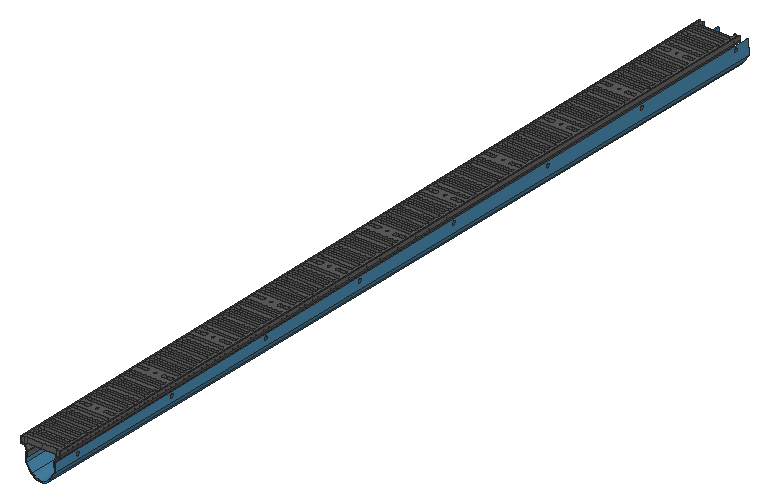
Revit family "Drain_Trench_Polymer_6-Inch_Wide_Reveal-Zurn-ZF806", category Plumbing Fixtures, Revit 2022 (continued)
Definition of nested family "Grate"
  Reference planes (in)
    plane 192: y = 27.20253
    plane 193: x = -2.18014
    plane 194: x = 2.18014
    plane 195: y = 28.17253
    plane 196: x = -2.18014
    plane 197: x = 2.18014
    plane 198: y = 29.14253
    plane 199: x = -2.18014
    plane 200: x = 2.18014
    plane 201: y = 30.11253
    plane 202: x = -2.18014
    plane 203: x = 2.18014
    plane 204: y = 31.08253
    plane 205: x = -2.18014
    plane 206: x = 2.18014
    plane 207: y = 32.05253
    plane 208: x = -2.18014
    plane 209: x = 2.18014
    plane 210: y = 33.02253
    plane 211: x = -2.18014
    plane 212: x = 2.18014
    plane 213: y = 33.99253
    plane 214: x = -2.18014
    plane 215: x = 2.18014
    plane 216: y = 34.96253
    plane 217: x = -2.18014
    plane 218: x = 2.18014
    plane 219: x = -2.18014
    plane 220: x = 2.18014
    plane 221: y = 37.45253
    plane 222: x = -2.18014
    plane 223: x = 2.18014
    plane 224: y = 38.42253
    plane 225: x = -2.18014
    plane 226: x = 2.18014
    plane 227: y = 39.39253
    plane 228: x = -2.18014
    plane 229: x = 2.18014
    plane 230: y = 40.36253
    plane 231: x = -2.18014
    plane 232: x = 2.18014
    plane 233: y = 41.33253
    plane 234: x = -2.18014
    plane 235: x = 2.18014
    plane 236: y = 42.30253
    plane 237: x = -2.18014
    plane 238: x = 2.18014
    plane 239: y = 43.27253
    plane 240: x = -2.18014
    plane 241: x = 2.18014
    plane 242: y = 44.24253
    plane 243: x = -2.18014
    plane 244: x = 2.18014
    plane 245: y = 45.21253
    plane 246: y = 62.32192
    plane 247: x = -2.18014
    plane 248: x = 2.18014
    plane 249: x = -2.18014
    plane 250: x = 2.18014
    plane 251: y = 47.70253
    plane 252: x = -2.18014
    plane 253: x = 2.18014
    plane 254: y = 48.67253
    plane 255: x = -2.18014
    plane 256: x = 2.18014
    plane 257: y = 49.64253
    plane 258: x = -2.18014
    plane 259: x = 2.18014
    plane 260: y = 50.61253
    plane 261: x = -2.18014
    plane 262: x = 2.18014
    plane 263: y = 51.58253
    plane 264: x = -2.18014
    plane 265: x = 2.18014
    plane 266: y = 52.55253
    plane 267: x = -2.18014
    plane 268: x = 2.18014
    plane 269: y = 53.52253
    plane 270: x = -2.18014
    plane 271: x = 2.18014
    plane 272: y = 54.49253
    plane 273: x = -2.18014
    plane 274: x = 2.18014
    plane 275: y = 55.46253
    plane 276: x = -2.18014
    plane 277: x = 2.18014
    plane 278: x = -2.18014
    plane 279: x = 2.18014
    plane 280: y = 57.95253
    plane 281: x = -2.18014
    plane 282: x = 2.18014
    plane 283: y = 58.92253
    plane 284: x = -2.18014
    plane 285: x = 2.18014
    plane 286: y = 59.89253
    plane 287: x = -2.18014
    plane 288: x = 2.18014
    plane 289: y = 60.86253
    plane 290: x = -2.18014
    plane 291: x = 2.18014
    plane 292: y = 61.83253
    plane 293: x = -2.18014
    plane 294: x = 2.18014
    plane 295: y = 62.80253
    plane 296: x = -2.18014
    plane 297: x = 2.18014
    plane 298: y = 63.77253
    plane 299: x = -2.18014
    plane 300: x = 2.18014
    plane 301: y = 64.74253
    plane 302: x = -2.18014
    plane 303: x = 2.18014
    plane 304: y = 65.71253
    plane 305: x = -2.18014
    plane 306: x = 2.18014
    plane 307: x = -2.18014
    plane 308: x = 2.18014
    plane 309: y = 68.20253
    plane 310: x = -2.18014
    plane 311: x = 2.18014
    plane 312: y = 69.17253
    plane 313: x = -2.18014
    plane 314: x = 2.18014
    plane 315: y = 70.14253
    plane 316: x = -2.18014
    plane 317: x = 2.18014
    plane 318: y = 71.11253
    plane 319: x = -2.18014
    plane 320: x = 2.18014
    plane 321: y = 72.08253
    plane 322: x = -2.18014
    plane 323: x = 2.18014
    plane 324: y = 73.05253
    plane 325: x = -2.18014
    plane 326: x = 2.18014
    plane 327: y = 74.02253
    plane 328: x = -2.18014
    plane 329: x = 2.18014
    plane 330: y = 74.99253
    plane 331: x = -2.18014
    plane 332: x = 2.18014
    plane 333: y = 75.96253
    plane 334: x = -2.18014
    plane 335: x = 2.18014
    plane 336: x = -2.18014
    plane 337: x = 2.18014
    plane 338: y = 78.45253
    plane 339: x = -2.18014
    plane 340: x = 2.18014
    plane 341: y = 79.42253
    plane 342: x = -2.18014
    plane 343: x = 2.18014
    plane 344: y = 80.39253
    plane 345: x = -2.18014
    plane 346: x = 2.18014
    plane 347: y = 81.36253
    plane 348: x = -2.18014
    plane 349: x = 2.18014
    plane 350: y = 82.33253
    plane 351: x = -2.18014
    plane 352: x = 2.18014
    plane 353: y = 83.30253
    plane 354: x = -2.18014
    plane 355: x = 2.18014
    plane 356: y = 84.27253
    plane 357: y = -35.59115
    plane 358: y = 84.40885
  Forms (in)
    Extrusion 1, solid, material <- "Grate-1"
      sketch origin (0, 0, 0) x (1, 0, 0) y (0, 1, 0)
        loop
          line (-2.681, 84.40885) -> (-2.681, -35.59115) -> (-2.319, -35.59115)
          arc (-2.319, -35.59115) -> (-2.28545, -35.44041) -> (-2.18014, -35.32747) r 0.294
          line (-2.18014, -35.32747) -> (0, -35.32747) -> (2.18014, -35.32747)
          arc (2.18014, -35.32747) -> (2.28545, -35.44041) -> (2.319, -35.59115) r 0.294
          line (2.319, -35.59115) -> (2.681, -35.59115) -> (2.681, 84.40885) -> (2.18014, 84.40885) -> (2.18014, 84.14518) -> (0, 84.14518) -> (-2.18014, 84.14518) -> (-2.18014, 84.40885) -> (-2.319, 84.40885) -> (-2.681, 84.40885)
      from 0 to 0.75
    Extrusion 2, void
      sketch origin (0, 0, 0) x (1, 0, 0) y (0, 1, 0)
        loop
          line (-2.18014, -34.89447) -> (2.18014, -34.89447)
          arc (2.18014, -34.89447) -> (2.47864, -34.59597) -> (2.18014, -34.29747) r 0.2985
          line (2.18014, -34.29747) -> (-2.18014, -34.29747)
          arc (-2.18014, -34.29747) -> (-2.47864, -34.59597) -> (-2.18014, -34.89447) r 0.2985
      from 0 to 2.22391
    Extrusion 3, void
      sketch origin (0, 0.97, 0) x (1, 0, 0) y (0, 1, 0)
        loop
          line (-2.18014, -34.89447) -> (2.18014, -34.89447)
          arc (2.18014, -34.89447) -> (2.47864, -34.59597) -> (2.18014, -34.29747) r 0.2985
          line (2.18014, -34.29747) -> (-2.18014, -34.29747)
          arc (-2.18014, -34.29747) -> (-2.47864, -34.59597) -> (-2.18014, -34.89447) r 0.2985
      from 0 to 12
    Extrusion 4, void
      sketch origin (0, 1.94, 0) x (1, 0, 0) y (0, 1, 0)
        loop
          line (-2.18014, -34.89447) -> (2.18014, -34.89447)
          arc (2.18014, -34.89447) -> (2.47864, -34.59597) -> (2.18014, -34.29747) r 0.2985
          line (2.18014, -34.29747) -> (-2.18014, -34.29747)
          arc (-2.18014, -34.29747) -> (-2.47864, -34.59597) -> (-2.18014, -34.89447) r 0.2985
      from 0 to 12
    Extrusion 5, void
      sketch origin (0, 2.91, 0) x (1, 0, 0) y (0, 1, 0)
        loop
          line (-2.18014, -34.89447) -> (2.18014, -34.89447)
          arc (2.18014, -34.89447) -> (2.47864, -34.59597) -> (2.18014, -34.29747) r 0.2985
          line (2.18014, -34.29747) -> (-2.18014, -34.29747)
          arc (-2.18014, -34.29747) -> (-2.47864, -34.59597) -> (-2.18014, -34.89447) r 0.2985
      from 0 to 12
    Extrusion 6, void
      sketch origin (0, 3.88, 0) x (1, 0, 0) y (0, 1, 0)
        loop
          line (-2.18014, -34.89447) -> (2.18014, -34.89447)
          arc (2.18014, -34.89447) -> (2.47864, -34.59597) -> (2.18014, -34.29747) r 0.2985
          line (2.18014, -34.29747) -> (-2.18014, -34.29747)
          arc (-2.18014, -34.29747) -> (-2.47864, -34.59597) -> (-2.18014, -34.89447) r 0.2985
      from 0 to 12
    Extrusion 7, void
      sketch origin (0, 4.85, 0) x (1, 0, 0) y (0, 1, 0)
        loop
          line (-2.18014, -34.89447) -> (2.18014, -34.89447)
          arc (2.18014, -34.89447) -> (2.47864, -34.59597) -> (2.18014, -34.29747) r 0.2985
          line (2.18014, -34.29747) -> (-2.18014, -34.29747)
          arc (-2.18014, -34.29747) -> (-2.47864, -34.59597) -> (-2.18014, -34.89447) r 0.2985
      from 0 to 12
    Extrusion 8, void
      sketch origin (0, 5.82, 0) x (1, 0, 0) y (0, 1, 0)
        loop
          line (-2.18014, -34.89447) -> (2.18014, -34.89447)
          arc (2.18014, -34.89447) -> (2.47864, -34.59597) -> (2.18014, -34.29747) r 0.2985
          line (2.18014, -34.29747) -> (-2.18014, -34.29747)
          arc (-2.18014, -34.29747) -> (-2.47864, -34.59597) -> (-2.18014, -34.89447) r 0.2985
      from 0 to 12
    Extrusion 9, void
      sketch origin (0, 6.79, 0) x (1, 0, 0) y (0, 1, 0)
        loop
          line (-2.18014, -34.89447) -> (2.18014, -34.89447)
          arc (2.18014, -34.89447) -> (2.47864, -34.59597) -> (2.18014, -34.29747) r 0.2985
          line (2.18014, -34.29747) -> (-2.18014, -34.29747)
          arc (-2.18014, -34.29747) -> (-2.47864, -34.59597) -> (-2.18014, -34.89447) r 0.2985
      from 0 to 12
    Extrusion 10, void
      sketch origin (0, 7.76, 0) x (1, 0, 0) y (0, 1, 0)
        loop
          line (-2.18014, -34.89447) -> (2.18014, -34.89447)
          arc (2.18014, -34.89447) -> (2.47864, -34.59597) -> (2.18014, -34.29747) r 0.2985
          line (2.18014, -34.29747) -> (-2.18014, -34.29747)
          arc (-2.18014, -34.29747) -> (-2.47864, -34.59597) -> (-2.18014, -34.89447) r 0.2985
      from 0 to 12
    Extrusion 11, void
      sketch origin (0, 0, 0) x (1, 0, 0) y (0, 1, 0)
        loop
          line (-2.18014, -25.83447) -> (-1.22614, -25.83447)
          arc (-1.22614, -25.83447) -> (-0.92764, -25.53597) -> (-1.22614, -25.23747) r 0.2985
          line (-1.22614, -25.23747) -> (-2.18014, -25.23747)
          arc (-2.18014, -25.23747) -> (-2.47864, -25.53597) -> (-2.18014, -25.83447) r 0.2985
        loop
          arc (2.18014, -25.83447) -> (2.47864, -25.53597) -> (2.18014, -25.23747) r 0.2985
          line (2.18014, -25.23747) -> (1.22614, -25.23747)
          arc (1.22614, -25.23747) -> (0.92764, -25.53597) -> (1.22614, -25.83447) r 0.2985
          line (1.22614, -25.83447) -> (2.18014, -25.83447)
        loop
          circle (0, -25.53597) r 0.171
      from 0 to 12
    Extrusion 12, void, not visible
      sketch origin (0, 0, 0) x (1, 0, 0) y (0, 1, 0)
        loop
          line (-2.18014, -34.89447) -> (2.18014, -34.89447)
          arc (2.18014, -34.89447) -> (2.47864, -34.59597) -> (2.18014, -34.29747) r 0.2985
          line (2.18014, -34.29747) -> (-2.18014, -34.29747)
          arc (-2.18014, -34.29747) -> (-2.47864, -34.59597) -> (-2.18014, -34.89447) r 0.2985
      from 0 to 12
    Extrusion 13, void
      sketch origin (0, 10.25, 0) x (1, 0, 0) y (0, 1, 0)
        loop
          line (-2.18014, -34.89447) -> (2.18014, -34.89447)
          arc (2.18014, -34.89447) -> (2.47864, -34.59597) -> (2.18014, -34.29747) r 0.2985
          line (2.18014, -34.29747) -> (-2.18014, -34.29747)
          arc (-2.18014, -34.29747) -> (-2.47864, -34.59597) -> (-2.18014, -34.89447) r 0.2985
      from 0 to 12
    Extrusion 14, void
      sketch origin (0, 11.22, 0) x (1, 0, 0) y (0, 1, 0)
        loop
          line (-2.18014, -34.89447) -> (2.18014, -34.89447)
          arc (2.18014, -34.89447) -> (2.47864, -34.59597) -> (2.18014, -34.29747) r 0.2985
          line (2.18014, -34.29747) -> (-2.18014, -34.29747)
          arc (-2.18014, -34.29747) -> (-2.47864, -34.59597) -> (-2.18014, -34.89447) r 0.2985
      from 0 to 12
    Extrusion 15, void
      sketch origin (0, 12.19, 0) x (1, 0, 0) y (0, 1, 0)
        loop
          line (-2.18014, -34.89447) -> (2.18014, -34.89447)
          arc (2.18014, -34.89447) -> (2.47864, -34.59597) -> (2.18014, -34.29747) r 0.2985
          line (2.18014, -34.29747) -> (-2.18014, -34.29747)
          arc (-2.18014, -34.29747) -> (-2.47864, -34.59597) -> (-2.18014, -34.89447) r 0.2985
      from 0 to 12
    Extrusion 16, void
      sketch origin (0, 13.16, 0) x (1, 0, 0) y (0, 1, 0)
        loop
          line (-2.18014, -34.89447) -> (2.18014, -34.89447)
          arc (2.18014, -34.89447) -> (2.47864, -34.59597) -> (2.18014, -34.29747) r 0.2985
          line (2.18014, -34.29747) -> (-2.18014, -34.29747)
          arc (-2.18014, -34.29747) -> (-2.47864, -34.59597) -> (-2.18014, -34.89447) r 0.2985
      from 0 to 12
    Extrusion 17, void
      sketch origin (0, 14.13, 0) x (1, 0, 0) y (0, 1, 0)
        loop
          line (-2.18014, -34.89447) -> (2.18014, -34.89447)
          arc (2.18014, -34.89447) -> (2.47864, -34.59597) -> (2.18014, -34.29747) r 0.2985
          line (2.18014, -34.29747) -> (-2.18014, -34.29747)
          arc (-2.18014, -34.29747) -> (-2.47864, -34.59597) -> (-2.18014, -34.89447) r 0.2985
      from 0 to 12
    Extrusion 18, void
      sketch origin (0, 15.1, 0) x (1, 0, 0) y (0, 1, 0)
        loop
          line (-2.18014, -34.89447) -> (2.18014, -34.89447)
          arc (2.18014, -34.89447) -> (2.47864, -34.59597) -> (2.18014, -34.29747) r 0.2985
          line (2.18014, -34.29747) -> (-2.18014, -34.29747)
          arc (-2.18014, -34.29747) -> (-2.47864, -34.59597) -> (-2.18014, -34.89447) r 0.2985
      from 0 to 12
    Extrusion 19, void
      sketch origin (0, 16.07, 0) x (1, 0, 0) y (0, 1, 0)
        loop
          line (-2.18014, -34.89447) -> (2.18014, -34.89447)
          arc (2.18014, -34.89447) -> (2.47864, -34.59597) -> (2.18014, -34.29747) r 0.2985
          line (2.18014, -34.29747) -> (-2.18014, -34.29747)
          arc (-2.18014, -34.29747) -> (-2.47864, -34.59597) -> (-2.18014, -34.89447) r 0.2985
      from 0 to 12
    Extrusion 20, void
      sketch origin (0, 17.04, 0) x (1, 0, 0) y (0, 1, 0)
        loop
          line (-2.18014, -34.89447) -> (2.18014, -34.89447)
          arc (2.18014, -34.89447) -> (2.47864, -34.59597) -> (2.18014, -34.29747) r 0.2985
          line (2.18014, -34.29747) -> (-2.18014, -34.29747)
          arc (-2.18014, -34.29747) -> (-2.47864, -34.59597) -> (-2.18014, -34.89447) r 0.2985
      from 0 to 12
    Extrusion 21, void
      sketch origin (0, 18.01, 0) x (1, 0, 0) y (0, 1, 0)
        loop
          line (-2.18014, -34.89447) -> (2.18014, -34.89447)
          arc (2.18014, -34.89447) -> (2.47864, -34.59597) -> (2.18014, -34.29747) r 0.2985
          line (2.18014, -34.29747) -> (-2.18014, -34.29747)
          arc (-2.18014, -34.29747) -> (-2.47864, -34.59597) -> (-2.18014, -34.89447) r 0.2985
      from 0 to 12
    Extrusion 22, void
      sketch origin (0, 10.25, 0) x (1, 0, 0) y (0, 1, 0)
        loop
          line (-2.18014, -25.83447) -> (-1.22614, -25.83447)
          arc (-1.22614, -25.83447) -> (-0.92764, -25.53597) -> (-1.22614, -25.23747) r 0.2985
          line (-1.22614, -25.23747) -> (-2.18014, -25.23747)
          arc (-2.18014, -25.23747) -> (-2.47864, -25.53597) -> (-2.18014, -25.83447) r 0.2985
        loop
          arc (2.18014, -25.83447) -> (2.47864, -25.53597) -> (2.18014, -25.23747) r 0.2985
          line (2.18014, -25.23747) -> (1.22614, -25.23747)
          arc (1.22614, -25.23747) -> (0.92764, -25.53597) -> (1.22614, -25.83447) r 0.2985
          line (1.22614, -25.83447) -> (2.18014, -25.83447)
        loop
          circle (0, -25.53597) r 0.171
      from 0 to 12
    Extrusion 23, void
      sketch origin (0, 20.5, 0) x (1, 0, 0) y (0, 1, 0)
        loop
          line (-2.18014, -34.89447) -> (2.18014, -34.89447)
          arc (2.18014, -34.89447) -> (2.47864, -34.59597) -> (2.18014, -34.29747) r 0.2985
          line (2.18014, -34.29747) -> (-2.18014, -34.29747)
          arc (-2.18014, -34.29747) -> (-2.47864, -34.59597) -> (-2.18014, -34.89447) r 0.2985
      from 0 to 12
    Extrusion 24, void
      sketch origin (0, 21.47, 0) x (1, 0, 0) y (0, 1, 0)
        loop
          line (-2.18014, -34.89447) -> (2.18014, -34.89447)
          arc (2.18014, -34.89447) -> (2.47864, -34.59597) -> (2.18014, -34.29747) r 0.2985
          line (2.18014, -34.29747) -> (-2.18014, -34.29747)
          arc (-2.18014, -34.29747) -> (-2.47864, -34.59597) -> (-2.18014, -34.89447) r 0.2985
      from 0 to 12
    Extrusion 25, void
      sketch origin (0, 22.44, 0) x (1, 0, 0) y (0, 1, 0)
        loop
          line (-2.18014, -34.89447) -> (2.18014, -34.89447)
          arc (2.18014, -34.89447) -> (2.47864, -34.59597) -> (2.18014, -34.29747) r 0.2985
          line (2.18014, -34.29747) -> (-2.18014, -34.29747)
          arc (-2.18014, -34.29747) -> (-2.47864, -34.59597) -> (-2.18014, -34.89447) r 0.2985
      from 0 to 12
    Extrusion 26, void
      sketch origin (0, 23.41, 0) x (1, 0, 0) y (0, 1, 0)
        loop
          line (-2.18014, -34.89447) -> (2.18014, -34.89447)
          arc (2.18014, -34.89447) -> (2.47864, -34.59597) -> (2.18014, -34.29747) r 0.2985
          line (2.18014, -34.29747) -> (-2.18014, -34.29747)
          arc (-2.18014, -34.29747) -> (-2.47864, -34.59597) -> (-2.18014, -34.89447) r 0.2985
      from 0 to 12
    Extrusion 27, void
      sketch origin (0, 24.38, 0) x (1, 0, 0) y (0, 1, 0)
        loop
          line (-2.18014, -34.89447) -> (2.18014, -34.89447)
          arc (2.18014, -34.89447) -> (2.47864, -34.59597) -> (2.18014, -34.29747) r 0.2985
          line (2.18014, -34.29747) -> (-2.18014, -34.29747)
          arc (-2.18014, -34.29747) -> (-2.47864, -34.59597) -> (-2.18014, -34.89447) r 0.2985
      from 0 to 12
    Extrusion 28, void
      sketch origin (0, 25.35, 0) x (1, 0, 0) y (0, 1, 0)
        loop
          line (-2.18014, -34.89447) -> (2.18014, -34.89447)
          arc (2.18014, -34.89447) -> (2.47864, -34.59597) -> (2.18014, -34.29747) r 0.2985
          line (2.18014, -34.29747) -> (-2.18014, -34.29747)
          arc (-2.18014, -34.29747) -> (-2.47864, -34.59597) -> (-2.18014, -34.89447) r 0.2985
      from 0 to 12
    Extrusion 29, void
      sketch origin (0, 26.32, 0) x (1, 0, 0) y (0, 1, 0)
        loop
          line (-2.18014, -34.89447) -> (2.18014, -34.89447)
          arc (2.18014, -34.89447) -> (2.47864, -34.59597) -> (2.18014, -34.29747) r 0.2985
          line (2.18014, -34.29747) -> (-2.18014, -34.29747)
          arc (-2.18014, -34.29747) -> (-2.47864, -34.59597) -> (-2.18014, -34.89447) r 0.2985
      from 0 to 12
    Extrusion 30, void
      sketch origin (0, 27.29, 0) x (1, 0, 0) y (0, 1, 0)
        loop
          line (-2.18014, -34.89447) -> (2.18014, -34.89447)
          arc (2.18014, -34.89447) -> (2.47864, -34.59597) -> (2.18014, -34.29747) r 0.2985
          line (2.18014, -34.29747) -> (-2.18014, -34.29747)
          arc (-2.18014, -34.29747) -> (-2.47864, -34.59597) -> (-2.18014, -34.89447) r 0.2985
      from 0 to 12
    Extrusion 31, void
      sketch origin (0, 28.26, 0) x (1, 0, 0) y (0, 1, 0)
        loop
          line (-2.18014, -34.89447) -> (2.18014, -34.89447)
          arc (2.18014, -34.89447) -> (2.47864, -34.59597) -> (2.18014, -34.29747) r 0.2985
          line (2.18014, -34.29747) -> (-2.18014, -34.29747)
          arc (-2.18014, -34.29747) -> (-2.47864, -34.59597) -> (-2.18014, -34.89447) r 0.2985
      from 0 to 12
    Extrusion 32, void
      sketch origin (0, 20.5, 0) x (1, 0, 0) y (0, 1, 0)
        loop
          line (-2.18014, -25.83447) -> (-1.22614, -25.83447)
          arc (-1.22614, -25.83447) -> (-0.92764, -25.53597) -> (-1.22614, -25.23747) r 0.2985
          line (-1.22614, -25.23747) -> (-2.18014, -25.23747)
          arc (-2.18014, -25.23747) -> (-2.47864, -25.53597) -> (-2.18014, -25.83447) r 0.2985
        loop
          arc (2.18014, -25.83447) -> (2.47864, -25.53597) -> (2.18014, -25.23747) r 0.2985
          line (2.18014, -25.23747) -> (1.22614, -25.23747)
          arc (1.22614, -25.23747) -> (0.92764, -25.53597) -> (1.22614, -25.83447) r 0.2985
          line (1.22614, -25.83447) -> (2.18014, -25.83447)
        loop
          circle (0, -25.53597) r 0.171
      from 0 to 12
    Extrusion 33, void
      sketch origin (0, 30.75, 0) x (1, 0, 0) y (0, 1, 0)
        loop
          line (-2.18014, -34.89447) -> (2.18014, -34.89447)
          arc (2.18014, -34.89447) -> (2.47864, -34.59597) -> (2.18014, -34.29747) r 0.2985
          line (2.18014, -34.29747) -> (-2.18014, -34.29747)
          arc (-2.18014, -34.29747) -> (-2.47864, -34.59597) -> (-2.18014, -34.89447) r 0.2985
      from 0 to 12
    Extrusion 34, void
      sketch origin (0, 31.72, 0) x (1, 0, 0) y (0, 1, 0)
        loop
          line (-2.18014, -34.89447) -> (2.18014, -34.89447)
          arc (2.18014, -34.89447) -> (2.47864, -34.59597) -> (2.18014, -34.29747) r 0.2985
          line (2.18014, -34.29747) -> (-2.18014, -34.29747)
          arc (-2.18014, -34.29747) -> (-2.47864, -34.59597) -> (-2.18014, -34.89447) r 0.2985
      from 0 to 12
    Extrusion 35, void
      sketch origin (0, 32.69, 0) x (1, 0, 0) y (0, 1, 0)
        loop
          line (-2.18014, -34.89447) -> (2.18014, -34.89447)
          arc (2.18014, -34.89447) -> (2.47864, -34.59597) -> (2.18014, -34.29747) r 0.2985
          line (2.18014, -34.29747) -> (-2.18014, -34.29747)
          arc (-2.18014, -34.29747) -> (-2.47864, -34.59597) -> (-2.18014, -34.89447) r 0.2985
      from 0 to 12
    Extrusion 36, void
      sketch origin (0, 33.66, 0) x (1, 0, 0) y (0, 1, 0)
        loop
          line (-2.18014, -34.89447) -> (2.18014, -34.89447)
          arc (2.18014, -34.89447) -> (2.47864, -34.59597) -> (2.18014, -34.29747) r 0.2985
          line (2.18014, -34.29747) -> (-2.18014, -34.29747)
          arc (-2.18014, -34.29747) -> (-2.47864, -34.59597) -> (-2.18014, -34.89447) r 0.2985
      from 0 to 12
    Extrusion 37, void
      sketch origin (0, 34.63, 0) x (1, 0, 0) y (0, 1, 0)
        loop
          line (-2.18014, -34.89447) -> (2.18014, -34.89447)
          arc (2.18014, -34.89447) -> (2.47864, -34.59597) -> (2.18014, -34.29747) r 0.2985
          line (2.18014, -34.29747) -> (-2.18014, -34.29747)
          arc (-2.18014, -34.29747) -> (-2.47864, -34.59597) -> (-2.18014, -34.89447) r 0.2985
      from 0 to 12
    Extrusion 38, void
      sketch origin (0, 35.6, 0) x (1, 0, 0) y (0, 1, 0)
        loop
          line (-2.18014, -34.89447) -> (2.18014, -34.89447)
          arc (2.18014, -34.89447) -> (2.47864, -34.59597) -> (2.18014, -34.29747) r 0.2985
          line (2.18014, -34.29747) -> (-2.18014, -34.29747)
          arc (-2.18014, -34.29747) -> (-2.47864, -34.59597) -> (-2.18014, -34.89447) r 0.2985
      from 0 to 12
    Extrusion 39, void
      sketch origin (0, 36.57, 0) x (1, 0, 0) y (0, 1, 0)
        loop
          line (-2.18014, -34.89447) -> (2.18014, -34.89447)
          arc (2.18014, -34.89447) -> (2.47864, -34.59597) -> (2.18014, -34.29747) r 0.2985
          line (2.18014, -34.29747) -> (-2.18014, -34.29747)
          arc (-2.18014, -34.29747) -> (-2.47864, -34.59597) -> (-2.18014, -34.89447) r 0.2985
      from 0 to 12
    Extrusion 40, void
      sketch origin (0, 37.54, 0) x (1, 0, 0) y (0, 1, 0)
        loop
          line (-2.18014, -34.89447) -> (2.18014, -34.89447)
          arc (2.18014, -34.89447) -> (2.47864, -34.59597) -> (2.18014, -34.29747) r 0.2985
          line (2.18014, -34.29747) -> (-2.18014, -34.29747)
          arc (-2.18014, -34.29747) -> (-2.47864, -34.59597) -> (-2.18014, -34.89447) r 0.2985
      from 0 to 12
    Extrusion 41, void
      sketch origin (0, 38.51, 0) x (1, 0, 0) y (0, 1, 0)
        loop
          line (-2.18014, -34.89447) -> (2.18014, -34.89447)
          arc (2.18014, -34.89447) -> (2.47864, -34.59597) -> (2.18014, -34.29747) r 0.2985
          line (2.18014, -34.29747) -> (-2.18014, -34.29747)
          arc (-2.18014, -34.29747) -> (-2.47864, -34.59597) -> (-2.18014, -34.89447) r 0.2985
      from 0 to 12
    Extrusion 42, void
      sketch origin (0, 30.75, 0) x (1, 0, 0) y (0, 1, 0)
        loop
          line (-2.18014, -25.83447) -> (-1.22614, -25.83447)
          arc (-1.22614, -25.83447) -> (-0.92764, -25.53597) -> (-1.22614, -25.23747) r 0.2985
          line (-1.22614, -25.23747) -> (-2.18014, -25.23747)
          arc (-2.18014, -25.23747) -> (-2.47864, -25.53597) -> (-2.18014, -25.83447) r 0.2985
        loop
          arc (2.18014, -25.83447) -> (2.47864, -25.53597) -> (2.18014, -25.23747) r 0.2985
          line (2.18014, -25.23747) -> (1.22614, -25.23747)
          arc (1.22614, -25.23747) -> (0.92764, -25.53597) -> (1.22614, -25.83447) r 0.2985
          line (1.22614, -25.83447) -> (2.18014, -25.83447)
        loop
          circle (0, -25.53597) r 0.171
      from 0 to 12
    Extrusion 43, void
      sketch origin (0, 41, 0) x (1, 0, 0) y (0, 1, 0)
        loop
          line (-2.18014, -34.89447) -> (2.18014, -34.89447)
          arc (2.18014, -34.89447) -> (2.47864, -34.59597) -> (2.18014, -34.29747) r 0.2985
          line (2.18014, -34.29747) -> (-2.18014, -34.29747)
          arc (-2.18014, -34.29747) -> (-2.47864, -34.59597) -> (-2.18014, -34.89447) r 0.2985
      from 0 to 12
    Extrusion 44, void
      sketch origin (0, 41.97, 0) x (1, 0, 0) y (0, 1, 0)
        loop
          line (-2.18014, -34.89447) -> (2.18014, -34.89447)
          arc (2.18014, -34.89447) -> (2.47864, -34.59597) -> (2.18014, -34.29747) r 0.2985
          line (2.18014, -34.29747) -> (-2.18014, -34.29747)
          arc (-2.18014, -34.29747) -> (-2.47864, -34.59597) -> (-2.18014, -34.89447) r 0.2985
      from 0 to 12
    Extrusion 45, void
      sketch origin (0, 42.94, 0) x (1, 0, 0) y (0, 1, 0)
        loop
          line (-2.18014, -34.89447) -> (2.18014, -34.89447)
          arc (2.18014, -34.89447) -> (2.47864, -34.59597) -> (2.18014, -34.29747) r 0.2985
          line (2.18014, -34.29747) -> (-2.18014, -34.29747)
          arc (-2.18014, -34.29747) -> (-2.47864, -34.59597) -> (-2.18014, -34.89447) r 0.2985
      from 0 to 12
    Extrusion 46, void
      sketch origin (0, 43.91, 0) x (1, 0, 0) y (0, 1, 0)
        loop
          line (-2.18014, -34.89447) -> (2.18014, -34.89447)
          arc (2.18014, -34.89447) -> (2.47864, -34.59597) -> (2.18014, -34.29747) r 0.2985
          line (2.18014, -34.29747) -> (-2.18014, -34.29747)
          arc (-2.18014, -34.29747) -> (-2.47864, -34.59597) -> (-2.18014, -34.89447) r 0.2985
      from 0 to 12
    Extrusion 47, void
      sketch origin (0, 44.88, 0) x (1, 0, 0) y (0, 1, 0)
        loop
          line (-2.18014, -34.89447) -> (2.18014, -34.89447)
          arc (2.18014, -34.89447) -> (2.47864, -34.59597) -> (2.18014, -34.29747) r 0.2985
          line (2.18014, -34.29747) -> (-2.18014, -34.29747)
          arc (-2.18014, -34.29747) -> (-2.47864, -34.59597) -> (-2.18014, -34.89447) r 0.2985
      from 0 to 12
    Extrusion 48, void
      sketch origin (0, 45.85, 0) x (1, 0, 0) y (0, 1, 0)
        loop
          line (-2.18014, -34.89447) -> (2.18014, -34.89447)
          arc (2.18014, -34.89447) -> (2.47864, -34.59597) -> (2.18014, -34.29747) r 0.2985
          line (2.18014, -34.29747) -> (-2.18014, -34.29747)
          arc (-2.18014, -34.29747) -> (-2.47864, -34.59597) -> (-2.18014, -34.89447) r 0.2985
      from 0 to 12
    Extrusion 49, void
      sketch origin (0, 46.82, 0) x (1, 0, 0) y (0, 1, 0)
        loop
          line (-2.18014, -34.89447) -> (2.18014, -34.89447)
          arc (2.18014, -34.89447) -> (2.47864, -34.59597) -> (2.18014, -34.29747) r 0.2985
          line (2.18014, -34.29747) -> (-2.18014, -34.29747)
          arc (-2.18014, -34.29747) -> (-2.47864, -34.59597) -> (-2.18014, -34.89447) r 0.2985
      from 0 to 12
    Extrusion 50, void
      sketch origin (0, 47.79, 0) x (1, 0, 0) y (0, 1, 0)
        loop
          line (-2.18014, -34.89447) -> (2.18014, -34.89447)
          arc (2.18014, -34.89447) -> (2.47864, -34.59597) -> (2.18014, -34.29747) r 0.2985
          line (2.18014, -34.29747) -> (-2.18014, -34.29747)
          arc (-2.18014, -34.29747) -> (-2.47864, -34.59597) -> (-2.18014, -34.89447) r 0.2985
      from 0 to 12
    Extrusion 51, void
      sketch origin (0, 48.76, 0) x (1, 0, 0) y (0, 1, 0)
        loop
          line (-2.18014, -34.89447) -> (2.18014, -34.89447)
          arc (2.18014, -34.89447) -> (2.47864, -34.59597) -> (2.18014, -34.29747) r 0.2985
          line (2.18014, -34.29747) -> (-2.18014, -34.29747)
          arc (-2.18014, -34.29747) -> (-2.47864, -34.59597) -> (-2.18014, -34.89447) r 0.2985
      from 0 to 12
    Extrusion 52, void
      sketch origin (0, 41, 0) x (1, 0, 0) y (0, 1, 0)
        loop
          line (-2.18014, -25.83447) -> (-1.22614, -25.83447)
          arc (-1.22614, -25.83447) -> (-0.92764, -25.53597) -> (-1.22614, -25.23747) r 0.2985
          line (-1.22614, -25.23747) -> (-2.18014, -25.23747)
          arc (-2.18014, -25.23747) -> (-2.47864, -25.53597) -> (-2.18014, -25.83447) r 0.2985
        loop
          arc (2.18014, -25.83447) -> (2.47864, -25.53597) -> (2.18014, -25.23747) r 0.2985
          line (2.18014, -25.23747) -> (1.22614, -25.23747)
          arc (1.22614, -25.23747) -> (0.92764, -25.53597) -> (1.22614, -25.83447) r 0.2985
          line (1.22614, -25.83447) -> (2.18014, -25.83447)
        loop
          circle (0, -25.53597) r 0.171
      from 0 to 12
    Extrusion 53, void
      sketch origin (0, 51.25, 0) x (1, 0, 0) y (0, 1, 0)
        loop
          line (-2.18014, -34.89447) -> (2.18014, -34.89447)
          arc (2.18014, -34.89447) -> (2.47864, -34.59597) -> (2.18014, -34.29747) r 0.2985
          line (2.18014, -34.29747) -> (-2.18014, -34.29747)
          arc (-2.18014, -34.29747) -> (-2.47864, -34.59597) -> (-2.18014, -34.89447) r 0.2985
      from 0 to 12
    Extrusion 54, void
      sketch origin (0, 52.22, 0) x (1, 0, 0) y (0, 1, 0)
        loop
          line (-2.18014, -34.89447) -> (2.18014, -34.89447)
          arc (2.18014, -34.89447) -> (2.47864, -34.59597) -> (2.18014, -34.29747) r 0.2985
          line (2.18014, -34.29747) -> (-2.18014, -34.29747)
          arc (-2.18014, -34.29747) -> (-2.47864, -34.59597) -> (-2.18014, -34.89447) r 0.2985
      from 0 to 12
    Extrusion 55, void
      sketch origin (0, 53.19, 0) x (1, 0, 0) y (0, 1, 0)
        loop
          line (-2.18014, -34.89447) -> (2.18014, -34.89447)
          arc (2.18014, -34.89447) -> (2.47864, -34.59597) -> (2.18014, -34.29747) r 0.2985
          line (2.18014, -34.29747) -> (-2.18014, -34.29747)
          arc (-2.18014, -34.29747) -> (-2.47864, -34.59597) -> (-2.18014, -34.89447) r 0.2985
      from 0 to 12
    Extrusion 56, void
      sketch origin (0, 54.16, 0) x (1, 0, 0) y (0, 1, 0)
        loop
          line (-2.18014, -34.89447) -> (2.18014, -34.89447)
          arc (2.18014, -34.89447) -> (2.47864, -34.59597) -> (2.18014, -34.29747) r 0.2985
          line (2.18014, -34.29747) -> (-2.18014, -34.29747)
          arc (-2.18014, -34.29747) -> (-2.47864, -34.59597) -> (-2.18014, -34.89447) r 0.2985
      from 0 to 12
    Extrusion 57, void
      sketch origin (0, 55.13, 0) x (1, 0, 0) y (0, 1, 0)
        loop
          line (-2.18014, -34.89447) -> (2.18014, -34.89447)
          arc (2.18014, -34.89447) -> (2.47864, -34.59597) -> (2.18014, -34.29747) r 0.2985
          line (2.18014, -34.29747) -> (-2.18014, -34.29747)
          arc (-2.18014, -34.29747) -> (-2.47864, -34.59597) -> (-2.18014, -34.89447) r 0.2985
      from 0 to 12
    Extrusion 58, void
      sketch origin (0, 56.1, 0) x (1, 0, 0) y (0, 1, 0)
        loop
          line (-2.18014, -34.89447) -> (2.18014, -34.89447)
          arc (2.18014, -34.89447) -> (2.47864, -34.59597) -> (2.18014, -34.29747) r 0.2985
          line (2.18014, -34.29747) -> (-2.18014, -34.29747)
          arc (-2.18014, -34.29747) -> (-2.47864, -34.59597) -> (-2.18014, -34.89447) r 0.2985
      from 0 to 12
    Extrusion 59, void
      sketch origin (0, 57.07, 0) x (1, 0, 0) y (0, 1, 0)
        loop
          line (-2.18014, -34.89447) -> (2.18014, -34.89447)
          arc (2.18014, -34.89447) -> (2.47864, -34.59597) -> (2.18014, -34.29747) r 0.2985
          line (2.18014, -34.29747) -> (-2.18014, -34.29747)
          arc (-2.18014, -34.29747) -> (-2.47864, -34.59597) -> (-2.18014, -34.89447) r 0.2985
      from 0 to 12
    Extrusion 60, void
      sketch origin (0, 58.04, 0) x (1, 0, 0) y (0, 1, 0)
        loop
          line (-2.18014, -34.89447) -> (2.18014, -34.89447)
          arc (2.18014, -34.89447) -> (2.47864, -34.59597) -> (2.18014, -34.29747) r 0.2985
          line (2.18014, -34.29747) -> (-2.18014, -34.29747)
          arc (-2.18014, -34.29747) -> (-2.47864, -34.59597) -> (-2.18014, -34.89447) r 0.2985
      from 0 to 12
    Extrusion 61, void
      sketch origin (0, 59.01, 0) x (1, 0, 0) y (0, 1, 0)
        loop
          line (-2.18014, -34.89447) -> (2.18014, -34.89447)
          arc (2.18014, -34.89447) -> (2.47864, -34.59597) -> (2.18014, -34.29747) r 0.2985
          line (2.18014, -34.29747) -> (-2.18014, -34.29747)
          arc (-2.18014, -34.29747) -> (-2.47864, -34.59597) -> (-2.18014, -34.89447) r 0.2985
      from 0 to 12
    Extrusion 62, void
      sketch origin (0, 51.25, 0) x (1, 0, 0) y (0, 1, 0)
        loop
          line (-2.18014, -25.83447) -> (-1.22614, -25.83447)
          arc (-1.22614, -25.83447) -> (-0.92764, -25.53597) -> (-1.22614, -25.23747) r 0.2985
          line (-1.22614, -25.23747) -> (-2.18014, -25.23747)
          arc (-2.18014, -25.23747) -> (-2.47864, -25.53597) -> (-2.18014, -25.83447) r 0.2985
        loop
          arc (2.18014, -25.83447) -> (2.47864, -25.53597) -> (2.18014, -25.23747) r 0.2985
          line (2.18014, -25.23747) -> (1.22614, -25.23747)
          arc (1.22614, -25.23747) -> (0.92764, -25.53597) -> (1.22614, -25.83447) r 0.2985
          line (1.22614, -25.83447) -> (2.18014, -25.83447)
        loop
          circle (0, -25.53597) r 0.171
      from 0 to 12
    Extrusion 63, void
      sketch origin (0, 61.5, 0) x (1, 0, 0) y (0, 1, 0)
        loop
          line (-2.18014, -34.89447) -> (2.18014, -34.89447)
          arc (2.18014, -34.89447) -> (2.47864, -34.59597) -> (2.18014, -34.29747) r 0.2985
          line (2.18014, -34.29747) -> (-2.18014, -34.29747)
          arc (-2.18014, -34.29747) -> (-2.47864, -34.59597) -> (-2.18014, -34.89447) r 0.2985
      from 0 to 12
    Extrusion 64, void
      sketch origin (0, 62.47, 0) x (1, 0, 0) y (0, 1, 0)
        loop
          line (-2.18014, -34.89447) -> (2.18014, -34.89447)
          arc (2.18014, -34.89447) -> (2.47864, -34.59597) -> (2.18014, -34.29747) r 0.2985
          line (2.18014, -34.29747) -> (-2.18014, -34.29747)
          arc (-2.18014, -34.29747) -> (-2.47864, -34.59597) -> (-2.18014, -34.89447) r 0.2985
      from 0 to 12
    Extrusion 65, void
      sketch origin (0, 63.44, 0) x (1, 0, 0) y (0, 1, 0)
        loop
          line (-2.18014, -34.89447) -> (2.18014, -34.89447)
          arc (2.18014, -34.89447) -> (2.47864, -34.59597) -> (2.18014, -34.29747) r 0.2985
          line (2.18014, -34.29747) -> (-2.18014, -34.29747)
          arc (-2.18014, -34.29747) -> (-2.47864, -34.59597) -> (-2.18014, -34.89447) r 0.2985
      from 0 to 12
    Extrusion 66, void
      sketch origin (0, 64.41, 0) x (1, 0, 0) y (0, 1, 0)
        loop
          line (-2.18014, -34.89447) -> (2.18014, -34.89447)
          arc (2.18014, -34.89447) -> (2.47864, -34.59597) -> (2.18014, -34.29747) r 0.2985
          line (2.18014, -34.29747) -> (-2.18014, -34.29747)
          arc (-2.18014, -34.29747) -> (-2.47864, -34.59597) -> (-2.18014, -34.89447) r 0.2985
      from 0 to 12
    Extrusion 67, void
      sketch origin (0, 65.38, 0) x (1, 0, 0) y (0, 1, 0)
        loop
          line (-2.18014, -34.89447) -> (2.18014, -34.89447)
          arc (2.18014, -34.89447) -> (2.47864, -34.59597) -> (2.18014, -34.29747) r 0.2985
          line (2.18014, -34.29747) -> (-2.18014, -34.29747)
          arc (-2.18014, -34.29747) -> (-2.47864, -34.59597) -> (-2.18014, -34.89447) r 0.2985
      from 0 to 12
    Extrusion 68, void
      sketch origin (0, 66.35, 0) x (1, 0, 0) y (0, 1, 0)
        loop
          line (-2.18014, -34.89447) -> (2.18014, -34.89447)
          arc (2.18014, -34.89447) -> (2.47864, -34.59597) -> (2.18014, -34.29747) r 0.2985
          line (2.18014, -34.29747) -> (-2.18014, -34.29747)
          arc (-2.18014, -34.29747) -> (-2.47864, -34.59597) -> (-2.18014, -34.89447) r 0.2985
      from 0 to 12
    Extrusion 69, void
      sketch origin (0, 67.32, 0) x (1, 0, 0) y (0, 1, 0)
        loop
          line (-2.18014, -34.89447) -> (2.18014, -34.89447)
          arc (2.18014, -34.89447) -> (2.47864, -34.59597) -> (2.18014, -34.29747) r 0.2985
          line (2.18014, -34.29747) -> (-2.18014, -34.29747)
          arc (-2.18014, -34.29747) -> (-2.47864, -34.59597) -> (-2.18014, -34.89447) r 0.2985
      from 0 to 12
    Extrusion 70, void
      sketch origin (0, 68.29, 0) x (1, 0, 0) y (0, 1, 0)
        loop
          line (-2.18014, -34.89447) -> (2.18014, -34.89447)
          arc (2.18014, -34.89447) -> (2.47864, -34.59597) -> (2.18014, -34.29747) r 0.2985
          line (2.18014, -34.29747) -> (-2.18014, -34.29747)
          arc (-2.18014, -34.29747) -> (-2.47864, -34.59597) -> (-2.18014, -34.89447) r 0.2985
      from 0 to 12
    Extrusion 71, void
      sketch origin (0, 69.26, 0) x (1, 0, 0) y (0, 1, 0)
        loop
          line (-2.18014, -34.89447) -> (2.18014, -34.89447)
          arc (2.18014, -34.89447) -> (2.47864, -34.59597) -> (2.18014, -34.29747) r 0.2985
          line (2.18014, -34.29747) -> (-2.18014, -34.29747)
          arc (-2.18014, -34.29747) -> (-2.47864, -34.59597) -> (-2.18014, -34.89447) r 0.2985
      from 0 to 12
    Extrusion 72, void
      sketch origin (0, 61.5, 0) x (1, 0, 0) y (0, 1, 0)
        loop
          line (-2.18014, -25.83447) -> (-1.22614, -25.83447)
          arc (-1.22614, -25.83447) -> (-0.92764, -25.53597) -> (-1.22614, -25.23747) r 0.2985
          line (-1.22614, -25.23747) -> (-2.18014, -25.23747)
          arc (-2.18014, -25.23747) -> (-2.47864, -25.53597) -> (-2.18014, -25.83447) r 0.2985
        loop
          arc (2.18014, -25.83447) -> (2.47864, -25.53597) -> (2.18014, -25.23747) r 0.2985
          line (2.18014, -25.23747) -> (1.22614, -25.23747)
          arc (1.22614, -25.23747) -> (0.92764, -25.53597) -> (1.22614, -25.83447) r 0.2985
          line (1.22614, -25.83447) -> (2.18014, -25.83447)
        loop
          circle (0, -25.53597) r 0.171
      from 0 to 12
    Extrusion 73, void
      sketch origin (0, 71.75, 0) x (1, 0, 0) y (0, 1, 0)
        loop
          line (-2.18014, -34.89447) -> (2.18014, -34.89447)
          arc (2.18014, -34.89447) -> (2.47864, -34.59597) -> (2.18014, -34.29747) r 0.2985
          line (2.18014, -34.29747) -> (-2.18014, -34.29747)
          arc (-2.18014, -34.29747) -> (-2.47864, -34.59597) -> (-2.18014, -34.89447) r 0.2985
      from 0 to 12
    Extrusion 74, void
      sketch origin (0, 72.72, 0) x (1, 0, 0) y (0, 1, 0)
        loop
          line (-2.18014, -34.89447) -> (2.18014, -34.89447)
          arc (2.18014, -34.89447) -> (2.47864, -34.59597) -> (2.18014, -34.29747) r 0.2985
          line (2.18014, -34.29747) -> (-2.18014, -34.29747)
          arc (-2.18014, -34.29747) -> (-2.47864, -34.59597) -> (-2.18014, -34.89447) r 0.2985
      from 0 to 12
    Extrusion 75, void
      sketch origin (0, 73.69, 0) x (1, 0, 0) y (0, 1, 0)
        loop
          line (-2.18014, -34.89447) -> (2.18014, -34.89447)
          arc (2.18014, -34.89447) -> (2.47864, -34.59597) -> (2.18014, -34.29747) r 0.2985
          line (2.18014, -34.29747) -> (-2.18014, -34.29747)
          arc (-2.18014, -34.29747) -> (-2.47864, -34.59597) -> (-2.18014, -34.89447) r 0.2985
      from 0 to 12
    Extrusion 76, void
      sketch origin (0, 74.66, 0) x (1, 0, 0) y (0, 1, 0)
        loop
          line (-2.18014, -34.89447) -> (2.18014, -34.89447)
          arc (2.18014, -34.89447) -> (2.47864, -34.59597) -> (2.18014, -34.29747) r 0.2985
          line (2.18014, -34.29747) -> (-2.18014, -34.29747)
          arc (-2.18014, -34.29747) -> (-2.47864, -34.59597) -> (-2.18014, -34.89447) r 0.2985
      from 0 to 12
    Extrusion 77, void
      sketch origin (0, 75.63, 0) x (1, 0, 0) y (0, 1, 0)
        loop
          line (-2.18014, -34.89447) -> (2.18014, -34.89447)
          arc (2.18014, -34.89447) -> (2.47864, -34.59597) -> (2.18014, -34.29747) r 0.2985
          line (2.18014, -34.29747) -> (-2.18014, -34.29747)
          arc (-2.18014, -34.29747) -> (-2.47864, -34.59597) -> (-2.18014, -34.89447) r 0.2985
      from 0 to 12
    Extrusion 78, void
      sketch origin (0, 76.6, 0) x (1, 0, 0) y (0, 1, 0)
        loop
          line (-2.18014, -34.89447) -> (2.18014, -34.89447)
          arc (2.18014, -34.89447) -> (2.47864, -34.59597) -> (2.18014, -34.29747) r 0.2985
          line (2.18014, -34.29747) -> (-2.18014, -34.29747)
          arc (-2.18014, -34.29747) -> (-2.47864, -34.59597) -> (-2.18014, -34.89447) r 0.2985
      from 0 to 12
    Extrusion 79, void
      sketch origin (0, 77.57, 0) x (1, 0, 0) y (0, 1, 0)
        loop
          line (-2.18014, -34.89447) -> (2.18014, -34.89447)
          arc (2.18014, -34.89447) -> (2.47864, -34.59597) -> (2.18014, -34.29747) r 0.2985
          line (2.18014, -34.29747) -> (-2.18014, -34.29747)
          arc (-2.18014, -34.29747) -> (-2.47864, -34.59597) -> (-2.18014, -34.89447) r 0.2985
      from 0 to 12
    Extrusion 80, void
      sketch origin (0, 78.54, 0) x (1, 0, 0) y (0, 1, 0)
        loop
          line (-2.18014, -34.89447) -> (2.18014, -34.89447)
          arc (2.18014, -34.89447) -> (2.47864, -34.59597) -> (2.18014, -34.29747) r 0.2985
          line (2.18014, -34.29747) -> (-2.18014, -34.29747)
          arc (-2.18014, -34.29747) -> (-2.47864, -34.59597) -> (-2.18014, -34.89447) r 0.2985
      from 0 to 12
    Extrusion 81, void
      sketch origin (0, 79.51, 0) x (1, 0, 0) y (0, 1, 0)
        loop
          line (-2.18014, -34.89447) -> (2.18014, -34.89447)
          arc (2.18014, -34.89447) -> (2.47864, -34.59597) -> (2.18014, -34.29747) r 0.2985
          line (2.18014, -34.29747) -> (-2.18014, -34.29747)
          arc (-2.18014, -34.29747) -> (-2.47864, -34.59597) -> (-2.18014, -34.89447) r 0.2985
      from 0 to 12
    Extrusion 82, void
      sketch origin (0, 71.75, 0) x (1, 0, 0) y (0, 1, 0)
        loop
          line (-2.18014, -25.83447) -> (-1.22614, -25.83447)
          arc (-1.22614, -25.83447) -> (-0.92764, -25.53597) -> (-1.22614, -25.23747) r 0.2985
          line (-1.22614, -25.23747) -> (-2.18014, -25.23747)
          arc (-2.18014, -25.23747) -> (-2.47864, -25.53597) -> (-2.18014, -25.83447) r 0.2985
        loop
          arc (2.18014, -25.83447) -> (2.47864, -25.53597) -> (2.18014, -25.23747) r 0.2985
          line (2.18014, -25.23747) -> (1.22614, -25.23747)
          arc (1.22614, -25.23747) -> (0.92764, -25.53597) -> (1.22614, -25.83447) r 0.2985
          line (1.22614, -25.83447) -> (2.18014, -25.83447)
        loop
          circle (0, -25.53597) r 0.171
      from 0 to 12
    Extrusion 83, void
      sketch origin (0, 82, 0) x (1, 0, 0) y (0, 1, 0)
        loop
          line (-2.18014, -34.89447) -> (2.18014, -34.89447)
          arc (2.18014, -34.89447) -> (2.47864, -34.59597) -> (2.18014, -34.29747) r 0.2985
          line (2.18014, -34.29747) -> (-2.18014, -34.29747)
          arc (-2.18014, -34.29747) -> (-2.47864, -34.59597) -> (-2.18014, -34.89447) r 0.2985
      from 0 to 12
    Extrusion 84, void
      sketch origin (0, 82.97, 0) x (1, 0, 0) y (0, 1, 0)
        loop
          line (-2.18014, -34.89447) -> (2.18014, -34.89447)
          arc (2.18014, -34.89447) -> (2.47864, -34.59597) -> (2.18014, -34.29747) r 0.2985
          line (2.18014, -34.29747) -> (-2.18014, -34.29747)
          arc (-2.18014, -34.29747) -> (-2.47864, -34.59597) -> (-2.18014, -34.89447) r 0.2985
      from 0 to 12
    Extrusion 85, void
      sketch origin (0, 83.94, 0) x (1, 0, 0) y (0, 1, 0)
        loop
          line (-2.18014, -34.89447) -> (2.18014, -34.89447)
          arc (2.18014, -34.89447) -> (2.47864, -34.59597) -> (2.18014, -34.29747) r 0.2985
          line (2.18014, -34.29747) -> (-2.18014, -34.29747)
          arc (-2.18014, -34.29747) -> (-2.47864, -34.59597) -> (-2.18014, -34.89447) r 0.2985
      from 0 to 12
    Extrusion 86, void
      sketch origin (0, 84.91, 0) x (1, 0, 0) y (0, 1, 0)
        loop
          line (-2.18014, -34.89447) -> (2.18014, -34.89447)
          arc (2.18014, -34.89447) -> (2.47864, -34.59597) -> (2.18014, -34.29747) r 0.2985
          line (2.18014, -34.29747) -> (-2.18014, -34.29747)
          arc (-2.18014, -34.29747) -> (-2.47864, -34.59597) -> (-2.18014, -34.89447) r 0.2985
      from 0 to 12
    Extrusion 87, void
      sketch origin (0, 85.88, 0) x (1, 0, 0) y (0, 1, 0)
        loop
          line (-2.18014, -34.89447) -> (2.18014, -34.89447)
          arc (2.18014, -34.89447) -> (2.47864, -34.59597) -> (2.18014, -34.29747) r 0.2985
          line (2.18014, -34.29747) -> (-2.18014, -34.29747)
          arc (-2.18014, -34.29747) -> (-2.47864, -34.59597) -> (-2.18014, -34.89447) r 0.2985
      from 0 to 12
    Extrusion 88, void
      sketch origin (0, 86.85, 0) x (1, 0, 0) y (0, 1, 0)
        loop
          line (-2.18014, -34.89447) -> (2.18014, -34.89447)
          arc (2.18014, -34.89447) -> (2.47864, -34.59597) -> (2.18014, -34.29747) r 0.2985
          line (2.18014, -34.29747) -> (-2.18014, -34.29747)
          arc (-2.18014, -34.29747) -> (-2.47864, -34.59597) -> (-2.18014, -34.89447) r 0.2985
      from 0 to 12
    Extrusion 89, void
      sketch origin (0, 87.82, 0) x (1, 0, 0) y (0, 1, 0)
        loop
          line (-2.18014, -34.89447) -> (2.18014, -34.89447)
          arc (2.18014, -34.89447) -> (2.47864, -34.59597) -> (2.18014, -34.29747) r 0.2985
          line (2.18014, -34.29747) -> (-2.18014, -34.29747)
          arc (-2.18014, -34.29747) -> (-2.47864, -34.59597) -> (-2.18014, -34.89447) r 0.2985
      from 0 to 12
    Extrusion 90, void
      sketch origin (0, 88.79, 0) x (1, 0, 0) y (0, 1, 0)
        loop
          line (-2.18014, -34.89447) -> (2.18014, -34.89447)
          arc (2.18014, -34.89447) -> (2.47864, -34.59597) -> (2.18014, -34.29747) r 0.2985
          line (2.18014, -34.29747) -> (-2.18014, -34.29747)
          arc (-2.18014, -34.29747) -> (-2.47864, -34.59597) -> (-2.18014, -34.89447) r 0.2985
      from 0 to 12
    Extrusion 91, void
      sketch origin (0, 89.76, 0) x (1, 0, 0) y (0, 1, 0)
        loop
          line (-2.18014, -34.89447) -> (2.18014, -34.89447)
          arc (2.18014, -34.89447) -> (2.47864, -34.59597) -> (2.18014, -34.29747) r 0.2985
          line (2.18014, -34.29747) -> (-2.18014, -34.29747)
          arc (-2.18014, -34.29747) -> (-2.47864, -34.59597) -> (-2.18014, -34.89447) r 0.2985
      from 0 to 12
    Extrusion 92, void
      sketch origin (0, 82, 0) x (1, 0, 0) y (0, 1, 0)
        loop
          line (-2.18014, -25.83447) -> (-1.22614, -25.83447)
          arc (-1.22614, -25.83447) -> (-0.92764, -25.53597) -> (-1.22614, -25.23747) r 0.2985
          line (-1.22614, -25.23747) -> (-2.18014, -25.23747)
          arc (-2.18014, -25.23747) -> (-2.47864, -25.53597) -> (-2.18014, -25.83447) r 0.2985
        loop
          arc (2.18014, -25.83447) -> (2.47864, -25.53597) -> (2.18014, -25.23747) r 0.2985
          line (2.18014, -25.23747) -> (1.22614, -25.23747)
          arc (1.22614, -25.23747) -> (0.92764, -25.53597) -> (1.22614, -25.83447) r 0.2985
          line (1.22614, -25.83447) -> (2.18014, -25.83447)
        loop
          circle (0, -25.53597) r 0.171
      from 0 to 12
    Extrusion 93, void
      sketch origin (0, 92.25, 0) x (1, 0, 0) y (0, 1, 0)
        loop
          line (-2.18014, -34.89447) -> (2.18014, -34.89447)
          arc (2.18014, -34.89447) -> (2.47864, -34.59597) -> (2.18014, -34.29747) r 0.2985
          line (2.18014, -34.29747) -> (-2.18014, -34.29747)
          arc (-2.18014, -34.29747) -> (-2.47864, -34.59597) -> (-2.18014, -34.89447) r 0.2985
      from 0 to 12
    Extrusion 94, void
      sketch origin (0, 93.22, 0) x (1, 0, 0) y (0, 1, 0)
        loop
          line (-2.18014, -34.89447) -> (2.18014, -34.89447)
          arc (2.18014, -34.89447) -> (2.47864, -34.59597) -> (2.18014, -34.29747) r 0.2985
          line (2.18014, -34.29747) -> (-2.18014, -34.29747)
          arc (-2.18014, -34.29747) -> (-2.47864, -34.59597) -> (-2.18014, -34.89447) r 0.2985
      from 0 to 12
    Extrusion 95, void
      sketch origin (0, 94.19, 0) x (1, 0, 0) y (0, 1, 0)
        loop
          line (-2.18014, -34.89447) -> (2.18014, -34.89447)
          arc (2.18014, -34.89447) -> (2.47864, -34.59597) -> (2.18014, -34.29747) r 0.2985
          line (2.18014, -34.29747) -> (-2.18014, -34.29747)
          arc (-2.18014, -34.29747) -> (-2.47864, -34.59597) -> (-2.18014, -34.89447) r 0.2985
      from 0 to 12
    Extrusion 96, void
      sketch origin (0, 95.16, 0) x (1, 0, 0) y (0, 1, 0)
        loop
          line (-2.18014, -34.89447) -> (2.18014, -34.89447)
          arc (2.18014, -34.89447) -> (2.47864, -34.59597) -> (2.18014, -34.29747) r 0.2985
          line (2.18014, -34.29747) -> (-2.18014, -34.29747)
          arc (-2.18014, -34.29747) -> (-2.47864, -34.59597) -> (-2.18014, -34.89447) r 0.2985
      from 0 to 12
    Extrusion 97, void
      sketch origin (0, 96.13, 0) x (1, 0, 0) y (0, 1, 0)
        loop
          line (-2.18014, -34.89447) -> (2.18014, -34.89447)
          arc (2.18014, -34.89447) -> (2.47864, -34.59597) -> (2.18014, -34.29747) r 0.2985
          line (2.18014, -34.29747) -> (-2.18014, -34.29747)
          arc (-2.18014, -34.29747) -> (-2.47864, -34.59597) -> (-2.18014, -34.89447) r 0.2985
      from 0 to 12
    Extrusion 98, void
      sketch origin (0, 97.1, 0) x (1, 0, 0) y (0, 1, 0)
        loop
          line (-2.18014, -34.89447) -> (2.18014, -34.89447)
          arc (2.18014, -34.89447) -> (2.47864, -34.59597) -> (2.18014, -34.29747) r 0.2985
          line (2.18014, -34.29747) -> (-2.18014, -34.29747)
          arc (-2.18014, -34.29747) -> (-2.47864, -34.59597) -> (-2.18014, -34.89447) r 0.2985
      from 0 to 12
    Extrusion 99, void
      sketch origin (0, 98.07, 0) x (1, 0, 0) y (0, 1, 0)
        loop
          line (-2.18014, -34.89447) -> (2.18014, -34.89447)
          arc (2.18014, -34.89447) -> (2.47864, -34.59597) -> (2.18014, -34.29747) r 0.2985
          line (2.18014, -34.29747) -> (-2.18014, -34.29747)
          arc (-2.18014, -34.29747) -> (-2.47864, -34.59597) -> (-2.18014, -34.89447) r 0.2985
      from 0 to 12
    Extrusion 100, void
      sketch origin (0, 99.04, 0) x (1, 0, 0) y (0, 1, 0)
        loop
          line (-2.18014, -34.89447) -> (2.18014, -34.89447)
          arc (2.18014, -34.89447) -> (2.47864, -34.59597) -> (2.18014, -34.29747) r 0.2985
          line (2.18014, -34.29747) -> (-2.18014, -34.29747)
          arc (-2.18014, -34.29747) -> (-2.47864, -34.59597) -> (-2.18014, -34.89447) r 0.2985
      from 0 to 12
    Extrusion 101, void
      sketch origin (0, 100.01, 0) x (1, 0, 0) y (0, 1, 0)
        loop
          line (-2.18014, -34.89447) -> (2.18014, -34.89447)
          arc (2.18014, -34.89447) -> (2.47864, -34.59597) -> (2.18014, -34.29747) r 0.2985
          line (2.18014, -34.29747) -> (-2.18014, -34.29747)
          arc (-2.18014, -34.29747) -> (-2.47864, -34.59597) -> (-2.18014, -34.89447) r 0.2985
      from 0 to 12
    Extrusion 102, void
      sketch origin (0, 92.25, 0) x (1, 0, 0) y (0, 1, 0)
        loop
          line (-2.18014, -25.83447) -> (-1.22614, -25.83447)
          arc (-1.22614, -25.83447) -> (-0.92764, -25.53597) -> (-1.22614, -25.23747) r 0.2985
          line (-1.22614, -25.23747) -> (-2.18014, -25.23747)
          arc (-2.18014, -25.23747) -> (-2.47864, -25.53597) -> (-2.18014, -25.83447) r 0.2985
        loop
          arc (2.18014, -25.83447) -> (2.47864, -25.53597) -> (2.18014, -25.23747) r 0.2985
          line (2.18014, -25.23747) -> (1.22614, -25.23747)
          arc (1.22614, -25.23747) -> (0.92764, -25.53597) -> (1.22614, -25.83447) r 0.2985
          line (1.22614, -25.83447) -> (2.18014, -25.83447)
        loop
          circle (0, -25.53597) r 0.171
      from 0 to 12
    Extrusion 103, void
      sketch origin (0, 102.5, 0) x (1, 0, 0) y (0, 1, 0)
        loop
          line (-2.18014, -34.89447) -> (2.18014, -34.89447)
          arc (2.18014, -34.89447) -> (2.47864, -34.59597) -> (2.18014, -34.29747) r 0.2985
          line (2.18014, -34.29747) -> (-2.18014, -34.29747)
          arc (-2.18014, -34.29747) -> (-2.47864, -34.59597) -> (-2.18014, -34.89447) r 0.2985
      from 0 to 12
    Extrusion 104, void
      sketch origin (0, 103.47, 0) x (1, 0, 0) y (0, 1, 0)
        loop
          line (-2.18014, -34.89447) -> (2.18014, -34.89447)
          arc (2.18014, -34.89447) -> (2.47864, -34.59597) -> (2.18014, -34.29747) r 0.2985
          line (2.18014, -34.29747) -> (-2.18014, -34.29747)
          arc (-2.18014, -34.29747) -> (-2.47864, -34.59597) -> (-2.18014, -34.89447) r 0.2985
      from 0 to 12
    Extrusion 105, void
      sketch origin (0, 104.44, 0) x (1, 0, 0) y (0, 1, 0)
        loop
          line (-2.18014, -34.89447) -> (2.18014, -34.89447)
          arc (2.18014, -34.89447) -> (2.47864, -34.59597) -> (2.18014, -34.29747) r 0.2985
          line (2.18014, -34.29747) -> (-2.18014, -34.29747)
          arc (-2.18014, -34.29747) -> (-2.47864, -34.59597) -> (-2.18014, -34.89447) r 0.2985
      from 0 to 12
    Extrusion 106, void
      sketch origin (0, 105.41, 0) x (1, 0, 0) y (0, 1, 0)
        loop
          line (-2.18014, -34.89447) -> (2.18014, -34.89447)
          arc (2.18014, -34.89447) -> (2.47864, -34.59597) -> (2.18014, -34.29747) r 0.2985
          line (2.18014, -34.29747) -> (-2.18014, -34.29747)
          arc (-2.18014, -34.29747) -> (-2.47864, -34.59597) -> (-2.18014, -34.89447) r 0.2985
      from 0 to 12
    Extrusion 107, void
      sketch origin (0, 106.38, 0) x (1, 0, 0) y (0, 1, 0)
        loop
          line (-2.18014, -34.89447) -> (2.18014, -34.89447)
          arc (2.18014, -34.89447) -> (2.47864, -34.59597) -> (2.18014, -34.29747) r 0.2985
          line (2.18014, -34.29747) -> (-2.18014, -34.29747)
          arc (-2.18014, -34.29747) -> (-2.47864, -34.59597) -> (-2.18014, -34.89447) r 0.2985
      from 0 to 12
    Extrusion 108, void
      sketch origin (0, 107.35, 0) x (1, 0, 0) y (0, 1, 0)
        loop
          line (-2.18014, -34.89447) -> (2.18014, -34.89447)
          arc (2.18014, -34.89447) -> (2.47864, -34.59597) -> (2.18014, -34.29747) r 0.2985
          line (2.18014, -34.29747) -> (-2.18014, -34.29747)
          arc (-2.18014, -34.29747) -> (-2.47864, -34.59597) -> (-2.18014, -34.89447) r 0.2985
      from 0 to 12
    Extrusion 109, void
      sketch origin (0, 108.32, 0) x (1, 0, 0) y (0, 1, 0)
        loop
          line (-2.18014, -34.89447) -> (2.18014, -34.89447)
          arc (2.18014, -34.89447) -> (2.47864, -34.59597) -> (2.18014, -34.29747) r 0.2985
          line (2.18014, -34.29747) -> (-2.18014, -34.29747)
          arc (-2.18014, -34.29747) -> (-2.47864, -34.59597) -> (-2.18014, -34.89447) r 0.2985
      from 0 to 12
    Extrusion 110, void
      sketch origin (0, 109.29, 0) x (1, 0, 0) y (0, 1, 0)
        loop
          line (-2.18014, -34.89447) -> (2.18014, -34.89447)
          arc (2.18014, -34.89447) -> (2.47864, -34.59597) -> (2.18014, -34.29747) r 0.2985
          line (2.18014, -34.29747) -> (-2.18014, -34.29747)
          arc (-2.18014, -34.29747) -> (-2.47864, -34.59597) -> (-2.18014, -34.89447) r 0.2985
      from 0 to 12
    Extrusion 111, void
      sketch origin (0, 110.26, 0) x (1, 0, 0) y (0, 1, 0)
        loop
          line (-2.18014, -34.89447) -> (2.18014, -34.89447)
          arc (2.18014, -34.89447) -> (2.47864, -34.59597) -> (2.18014, -34.29747) r 0.2985
          line (2.18014, -34.29747) -> (-2.18014, -34.29747)
          arc (-2.18014, -34.29747) -> (-2.47864, -34.59597) -> (-2.18014, -34.89447) r 0.2985
      from 0 to 12
    Extrusion 112, void
      sketch origin (0, 102.5, 0) x (1, 0, 0) y (0, 1, 0)
        loop
          line (-2.18014, -25.83447) -> (-1.22614, -25.83447)
          arc (-1.22614, -25.83447) -> (-0.92764, -25.53597) -> (-1.22614, -25.23747) r 0.2985
          line (-1.22614, -25.23747) -> (-2.18014, -25.23747)
          arc (-2.18014, -25.23747) -> (-2.47864, -25.53597) -> (-2.18014, -25.83447) r 0.2985
        loop
          arc (2.18014, -25.83447) -> (2.47864, -25.53597) -> (2.18014, -25.23747) r 0.2985
          line (2.18014, -25.23747) -> (1.22614, -25.23747)
          arc (1.22614, -25.23747) -> (0.92764, -25.53597) -> (1.22614, -25.83447) r 0.2985
          line (1.22614, -25.83447) -> (2.18014, -25.83447)
        loop
          circle (0, -25.53597) r 0.171
      from 0 to 12
    Extrusion 113, void
      sketch origin (0, 112.75, 0) x (1, 0, 0) y (0, 1, 0)
        loop
          line (-2.18014, -34.89447) -> (2.18014, -34.89447)
          arc (2.18014, -34.89447) -> (2.47864, -34.59597) -> (2.18014, -34.29747) r 0.2985
          line (2.18014, -34.29747) -> (-2.18014, -34.29747)
          arc (-2.18014, -34.29747) -> (-2.47864, -34.59597) -> (-2.18014, -34.89447) r 0.2985
      from 0 to 12
    Extrusion 114, void
      sketch origin (0, 113.72, 0) x (1, 0, 0) y (0, 1, 0)
        loop
          line (-2.18014, -34.89447) -> (2.18014, -34.89447)
          arc (2.18014, -34.89447) -> (2.47864, -34.59597) -> (2.18014, -34.29747) r 0.2985
          line (2.18014, -34.29747) -> (-2.18014, -34.29747)
          arc (-2.18014, -34.29747) -> (-2.47864, -34.59597) -> (-2.18014, -34.89447) r 0.2985
